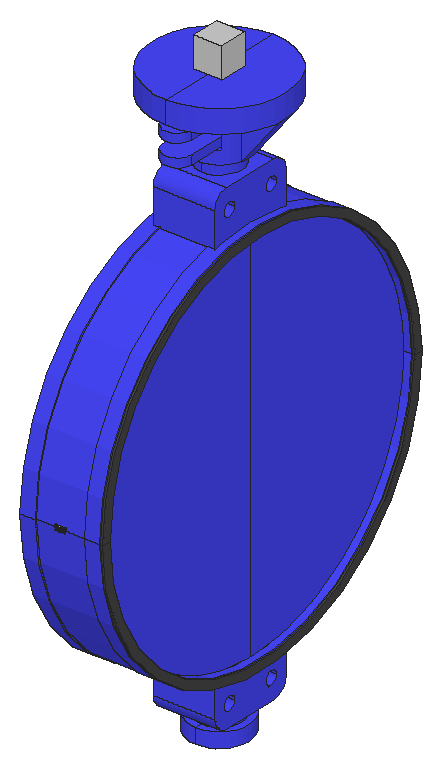
Revit family "926-12-002-DN50-1000", category Pipe Accessories, Revit 2022
Family settings
  Round Connector Dimension = Use Diameter
  Part Type = Valve - Breaks Into
  Work Plane-Based = No
  Always vertical = Yes
  Cut with Voids When Loaded = No
  Shared = No
Parameters (values of type "DN1000_PN25")
  total_FL_legth = A - L  # 208.5 mm
  rib_Loctn = Body_rib_L * 0.4  # 46 mm
  logo = Bore_R + Body_T + 2 mm  # 522 mm
  bottom_Shaft_T = Body_rib_W * 0.7  # 38.5 mm
  bottom_Shaft_R = Body_rib_L * 0.68  # 78.2 mm
  Wedge = A / 1.3  # 166.154 mm
  URL_product_pages = "https://www.avkvalves.com/P.aspx?no=92605012030160100000"
  Top_Rib = D / 2  # 37.5 mm
  Top_Flange_R = size_lookup(Search_table, "Top_Flange_R", 0 mm, DN)  # 175 mm
  Top _Flange_dim2 = size_lookup(Search_table, "Top _Flange_dim2", 0 mm, DN)  # 66 mm
  Top _Flange_dim1 = Body_shaft_R3 * 0.68  # 50.83 mm
  Slot_dim1 = size_lookup(Search_table, "Slot_dim1", 0 mm, DN)  # 15 mm
  Slot_T = size_lookup(Search_table, "Slot_T", 0 mm, DN)  # 22 mm
  Search_table = "926-12-002-DN50-1000"
  Seal_R = (FL_R - Bore_R) / 2  # 11 mm
  Rib_T = (FL_T - Raised_dis) / 1.5  # 23.333 mm
  Rib_R = D / 2  # 37.5 mm
  Raised_dis = size_lookup(Search_table, "Raised_dis", 0 mm, DN)  # 5 mm
  Raised_R = size_lookup(Search_table, "Raised_R", 0 mm, DN)  # 556 mm
  PCD = size_lookup(Search_table, "PCD", 0 mm, DN)  # 1160 mm
  L = Raised_dis * 1.5  # 7.5 mm
  Hole_R = size_lookup(Search_table, "Hole_R", 0 mm, DN)  # 18.5 mm
  FL_T = size_lookup(Search_table, "FL_T", 0 mm, DN)  # 40 mm
  FL_R = size_lookup(Search_table, "FL_R", 0 mm, DN)  # 522 mm
  E = size_lookup(Search_table, "E", 0 mm, DN)  # 80 mm
  Description_ = "AVK DBL. ECC. BUTTERFLY VALVE, WAFER, API609B, PN25"
  Default Elevation = 0 mm
  DN700_PN25 = "926-700-12-030060100000"
  DN600_PN25 = "926-600-12-030080100000"
  DN500_PN25 = "926-500-12-030080100000"
  DN450_PN25 = "926-450-12-030080100000"
  DN400_PN25 = "926-400-12-030080100000"
  DN350_PN25 = "926-350-12-030080100000"
  DN300_PN25 = "926-300-12-030080100000"
  DN250_PN25 = "926-250-12-030080100000"
  DN200_PN25 = "926-200-12-030080100000"
  DN150_PN25 = "926-150-12-030080100000"
  DN100_PN25 = "926-100-12-030160100000"
  DN1000_PN25 = "926-A10-12-030060100000"
  DN080_PN25 = "926-080-12-030160100000"
  DN050_PN25 = "926-050-12-030160100000"
  DN = 1000 mm
  D = size_lookup(Search_table, "D", 0 mm, DN)  # 75 mm
  C = size_lookup(Search_table, "C", 0 mm, DN)  # 856 mm
  Bore_R = size_lookup(Search_table, "Bore_R", 0 mm, DN)  # 500 mm
  Body_shaft_R3_T = size_lookup(Search_table, "Body_shaft_R3_T", 0 mm, DN)  # 33 mm
  Body_shaft_R3 = Body_shaft_R2 * 1.3  # 74.75 mm
  Body_shaft_R2_T = D * 0.8  # 60 mm
  Body_shaft_R2 = Body_rib_L * 0.5  # 57.5 mm
  Body_shaft_R1 = (total_FL_legth - FL_T) / 2  # 84.25 mm
  Body_rib_W = size_lookup(Search_table, "Body_rib_W", 0 mm, DN)  # 55 mm
  Body_rib_L = size_lookup(Search_table, "Body_rib_L", 0 mm, DN)  # 115 mm
  Body_end_shaft_R = (total_FL_legth - 2 * Raised_dis) / 2  # 99.25 mm
  Body_T = size_lookup(Search_table, "Body_T", 0 mm, DN)  # 20 mm
  B = size_lookup(Search_table, "B", 0 mm, DN)  # 700 mm
  A = size_lookup(Search_table, "A", 0 mm, DN)  # 216 mm
Types (15, lengths in mm): name | total_FL_legth | rib_Loctn | logo | bottom_Shaft_T | bottom_Shaft_R | Wedge | URL_product_pages | Top_Rib | Top_Flange_R | Top _Flange_dim2 | Top _Flange_dim1 | Slot_dim1 | Slot_T | Seal_R | Rib_T | Rib_R | Raised_dis | Raised_R | PCD | L | Hole_R | FL_T | FL_R | E | Description_ | DN700_PN25 | DN600_PN25 | DN500_PN25 | DN450_PN25 | DN400_PN25 | DN350_PN25 | DN300_PN25 | DN250_PN25 | DN200_PN25 | DN150_PN25 | DN100_PN25 | DN1000_PN25 | DN080_PN25 | DN050_PN25 | DN | D | C | Bore_R | Body_shaft_R3_T | Body_shaft_R3 | Body_shaft_R2_T | Body_shaft_R2 | Body_shaft_R1 | Body_rib_W | Body_rib_L | Body_end_shaft_R | Body_T | B | A
  (no name) | 208.5 | 46 | 522 | 38.5 | 78.2 | 166.154 | "https://www.avkvalves.com/P.aspx?no=92605012030160100000" | 37.5 | 175 | 66 | 50.83 | 15 | 22 | 11 | 23.333 | 37.5 | 5 | 556 | 1160 | 7.5 | 18.5 | 40 | 522 | 80 | "AVK DBL. ECC. BUTTERFLY VALVE, WAFER, API609B, PN25" | "926-700-12-030060100000" | "926-600-12-030080100000" | "926-500-12-030080100000" | "926-450-12-030080100000" | "926-400-12-030080100000" | "926-350-12-030080100000" | "926-300-12-030080100000" | "926-250-12-030080100000" | "926-200-12-030080100000" | "926-150-12-030080100000" | "926-100-12-030160100000" | "926-A10-12-030060100000" | "926-080-12-030160100000" | "926-050-12-030160100000" | 1000 | 75 | 856 | 500 | 33 | 74.75 | 60 | 57.5 | 84.25 | 55 | 115 | 99.25 | 20 | 700 | 216
  DN1000_PN25 | 208.5 | 46 | 522 | 38.5 | 78.2 | 166.154 | "https://www.avkvalves.com/P.aspx?no=92605012030160100000" | 37.5 | 175 | 66 | 50.83 | 15 | 22 | 11 | 23.333 | 37.5 | 5 | 556 | 1160 | 7.5 | 18.5 | 40 | 522 | 80 | "AVK DBL. ECC. BUTTERFLY VALVE, WAFER, API609B, PN25" | "926-700-12-030060100000" | "926-600-12-030080100000" | "926-500-12-030080100000" | "926-450-12-030080100000" | "926-400-12-030080100000" | "926-350-12-030080100000" | "926-300-12-030080100000" | "926-250-12-030080100000" | "926-200-12-030080100000" | "926-150-12-030080100000" | "926-100-12-030160100000" | "926-A10-12-030060100000" | "926-080-12-030160100000" | "926-050-12-030160100000" | 1000 | 75 | 856 | 500 | 33 | 74.75 | 60 | 57.5 | 84.25 | 55 | 115 | 99.25 | 20 | 700 | 216
  DN050_PN25 | 40 | 6 | 35 | 5.6 | 10.2 | 33.077 | "https://www.avkvalves.com/P.aspx?no=92605012020140100000" | 4.5 | 45 | 8 | 6.63 | 4 | 6 | 10 | 4 | 4.5 | 2 | 49.5 | 120 | 3 | 4 | 8 | 45 | 18 | "AVK DBL. ECC. BUTTERFLY VALVE, WAFER, API609B, PN10/16" | "926-700-12-020040100000" | "926-600-12-020040100000" | "926-500-12-010040100000" | "926-450-12-010040100000" | "926-400-12-010040100000" | "926-350-12-010040100000" | "926-300-12-010040100000" | "926-250-12-010040100000" | "926-200-12-010040100000" | "926-150-12-020040100000" | "926-100-12-020140100000" | "926-A10-12-020140100000" | "926-A10-12-020140100000" | "926-050-12-020140100000" | 50 | 9 | 110 | 25 | 4 | 9.75 | 7.2 | 7.5 | 16 | 8 | 15 | 18 | 8 | 80 | 43
  DN080_PN25 | 43 | 8 | 50 | 8.4 | 13.6 | 35.385 | "https://www.avkvalves.com/P.aspx?no=92605012020140100000" | 4.5 | 45 | 20 | 8.84 | 15 | 11 | 16 | 4 | 4.5 | 2 | 66 | 160 | 3 | 5 | 8 | 72 | 18 | "AVK DBL. ECC. BUTTERFLY VALVE, WAFER, API609B, PN10/16" | "926-700-12-020040100000" | "926-600-12-020040100000" | "926-500-12-010040100000" | "926-450-12-010040100000" | "926-400-12-010040100000" | "926-350-12-010040100000" | "926-300-12-010040100000" | "926-250-12-010040100000" | "926-200-12-010040100000" | "926-150-12-020040100000" | "926-100-12-020140100000" | "926-A10-12-020140100000" | "926-A10-12-020140100000" | "926-050-12-020140100000" | 80 | 9 | 185 | 40 | 4 | 13 | 7.2 | 10 | 17.5 | 12 | 20 | 19.5 | 8 | 110 | 46
  DN100_PN25 | 49 | 10 | 62 | 10.5 | 17 | 40 | "https://www.avkvalves.com/P.aspx?no=92605012020140100000" | 5.5 | 45 | 20 | 11.05 | 15 | 11 | 15.5 | 4 | 5.5 | 2 | 78 | 180 | 3 | 6 | 8 | 81 | 20 | "AVK DBL. ECC. BUTTERFLY VALVE, WAFER, API609B, PN10/16" | "926-700-12-020040100000" | "926-600-12-020040100000" | "926-500-12-010040100000" | "926-450-12-010040100000" | "926-400-12-010040100000" | "926-350-12-010040100000" | "926-300-12-010040100000" | "926-250-12-010040100000" | "926-200-12-010040100000" | "926-150-12-020040100000" | "926-100-12-020140100000" | "926-A10-12-020140100000" | "926-A10-12-020140100000" | "926-050-12-020140100000" | 100 | 11 | 202 | 50 | 5 | 16.25 | 8.8 | 12.5 | 20.5 | 15 | 25 | 22.5 | 10 | 130 | 52
  DN150_PN25 | 53 | 12.8 | 89 | 14 | 21.76 | 43.077 | "https://www.avkvalves.com/P.aspx?no=92605012020140100000" | 8.5 | 62.5 | 25 | 14.144 | 18 | 19 | 16.5 | 5.333 | 8.5 | 2 | 105.5 | 240 | 3 | 8 | 10 | 108 | 27 | "AVK DBL. ECC. BUTTERFLY VALVE, WAFER, API609B, PN10/16" | "926-700-12-020040100000" | "926-600-12-020040100000" | "926-500-12-010040100000" | "926-450-12-010040100000" | "926-400-12-010040100000" | "926-350-12-010040100000" | "926-300-12-010040100000" | "926-250-12-010040100000" | "926-200-12-010040100000" | "926-150-12-020040100000" | "926-100-12-020140100000" | "926-A10-12-020140100000" | "926-A10-12-020140100000" | "926-050-12-020140100000" | 150 | 17 | 280 | 75 | 7 | 20.8 | 13.6 | 16 | 21.5 | 20 | 32 | 24.5 | 12 | 170 | 56
  DN200_PN25 | 55.5 | 20.8 | 114 | 15.4 | 35.36 | 46.154 | "https://www.avkvalves.com/P.aspx?no=92605012020140100000" | 11 | 62.5 | 20 | 22.984 | 21 | 15 | 16.375 | 11.333 | 11 | 3 | 133 | 295 | 4.5 | 11.5 | 20 | 132.75 | 30 | "AVK DBL. ECC. BUTTERFLY VALVE, WAFER, API609B, PN10/16" | "926-700-12-020040100000" | "926-600-12-020040100000" | "926-500-12-010040100000" | "926-450-12-010040100000" | "926-400-12-010040100000" | "926-350-12-010040100000" | "926-300-12-010040100000" | "926-250-12-010040100000" | "926-200-12-010040100000" | "926-150-12-020040100000" | "926-100-12-020140100000" | "926-A10-12-020140100000" | "926-A10-12-020140100000" | "926-050-12-020140100000" | 200 | 22 | 320 | 100 | 10 | 33.8 | 17.6 | 26 | 17.75 | 22 | 52 | 24.75 | 12 | 200 | 60
  DN250_PN25 | 63.5 | 22.4 | 141 | 16.8 | 38.08 | 52.308 | "https://www.avkvalves.com/P.aspx?no=92605012020140100000" | 13.5 | 75 | 24 | 24.752 | 6 | 20 | 16.25 | 12.667 | 13.5 | 3 | 159.5 | 350 | 4.5 | 11.5 | 22 | 157.5 | 36 | "AVK DBL. ECC. BUTTERFLY VALVE, WAFER, API609B, PN10/16" | "926-700-12-020040100000" | "926-600-12-020040100000" | "926-500-12-010040100000" | "926-450-12-010040100000" | "926-400-12-010040100000" | "926-350-12-010040100000" | "926-300-12-010040100000" | "926-250-12-010040100000" | "926-200-12-010040100000" | "926-150-12-020040100000" | "926-100-12-020140100000" | "926-A10-12-020140100000" | "926-A10-12-020140100000" | "926-050-12-020140100000" | 250 | 27 | 340 | 125 | 12 | 36.4 | 21.6 | 28 | 20.75 | 24 | 56 | 28.75 | 14 | 222 | 68
  DN300_PN25 | 72 | 24 | 166 | 21 | 40.8 | 60 | "https://www.avkvalves.com/P.aspx?no=92605012020140100000" | 13.5 | 75 | 24 | 26.52 | 6 | 20 | 15 | 13.667 | 13.5 | 4 | 185 | 400 | 6 | 11.5 | 24.5 | 180 | 41 | "AVK DBL. ECC. BUTTERFLY VALVE, WAFER, API609B, PN10/16" | "926-700-12-020040100000" | "926-600-12-020040100000" | "926-500-12-010040100000" | "926-450-12-010040100000" | "926-400-12-010040100000" | "926-350-12-010040100000" | "926-300-12-010040100000" | "926-250-12-010040100000" | "926-200-12-010040100000" | "926-150-12-020040100000" | "926-100-12-020140100000" | "926-A10-12-020140100000" | "926-A10-12-020140100000" | "926-050-12-020140100000" | 300 | 27 | 390 | 150 | 12 | 39 | 21.6 | 30 | 23.75 | 30 | 60 | 32 | 14 | 260 | 78
  DN350_PN25 | 72 | 26.8 | 191 | 21.7 | 45.56 | 60 | "https://www.avkvalves.com/P.aspx?no=92605012020140100000" | 18 | 75 | 32 | 29.614 | 7 | 22 | 16 | 13.667 | 18 | 4 | 214.5 | 460 | 6 | 11.5 | 24.5 | 207 | 41 | "AVK DBL. ECC. BUTTERFLY VALVE, WAFER, API609B, PN10/16" | "926-700-12-020040100000" | "926-600-12-020040100000" | "926-500-12-010040100000" | "926-450-12-010040100000" | "926-400-12-010040100000" | "926-350-12-010040100000" | "926-300-12-010040100000" | "926-250-12-010040100000" | "926-200-12-010040100000" | "926-150-12-020040100000" | "926-100-12-020140100000" | "926-A10-12-020140100000" | "926-A10-12-020140100000" | "926-050-12-020140100000" | 350 | 36 | 420 | 175 | 16 | 43.55 | 28.8 | 33.5 | 23.75 | 31 | 67 | 32 | 14 | 290 | 78
  DN400_PN25 | 96 | 28 | 217 | 29.4 | 47.6 | 78.462 | "https://www.avkvalves.com/P.aspx?no=92605012020140100000" | 18 | 87.5 | 32 | 30.94 | 7 | 22 | 15.875 | 13.667 | 18 | 4 | 240 | 515 | 6 | 14 | 24.5 | 231.75 | 41 | "AVK DBL. ECC. BUTTERFLY VALVE, WAFER, API609B, PN10/16" | "926-700-12-020040100000" | "926-600-12-020040100000" | "926-500-12-010040100000" | "926-450-12-010040100000" | "926-400-12-010040100000" | "926-350-12-010040100000" | "926-300-12-010040100000" | "926-250-12-010040100000" | "926-200-12-010040100000" | "926-150-12-020040100000" | "926-100-12-020140100000" | "926-A10-12-020140100000" | "926-A10-12-020140100000" | "926-050-12-020140100000" | 400 | 36 | 451 | 200 | 16 | 45.5 | 28.8 | 35 | 35.75 | 42 | 70 | 44 | 15 | 350 | 102
  DN450_PN25 | 108 | 31.2 | 243 | 28.7 | 53.04 | 87.692 | "https://www.avkvalves.com/P.aspx?no=92605012020140100000" | 18 | 105 | 32 | 34.476 | 7 | 22 | 14.625 | 14.333 | 18 | 4 | 265 | 565 | 6 | 14 | 25.5 | 254.25 | 38 | "AVK DBL. ECC. BUTTERFLY VALVE, WAFER, API609B, PN10/16" | "926-700-12-020040100000" | "926-600-12-020040100000" | "926-500-12-010040100000" | "926-450-12-010040100000" | "926-400-12-010040100000" | "926-350-12-010040100000" | "926-300-12-010040100000" | "926-250-12-010040100000" | "926-200-12-010040100000" | "926-150-12-020040100000" | "926-100-12-020140100000" | "926-A10-12-020140100000" | "926-A10-12-020140100000" | "926-050-12-020140100000" | 450 | 36 | 492 | 225 | 16 | 50.7 | 28.8 | 39 | 41.25 | 41 | 78 | 50 | 16 | 360 | 114
  DN500_PN25 | 121 | 34.8 | 267 | 26.6 | 59.16 | 97.692 | "https://www.avkvalves.com/P.aspx?no=92605012020140100000" | 23 | 105 | 40 | 38.454 | 9 | 22 | 14.5 | 15 | 23 | 4 | 291 | 620 | 6 | 14 | 26.5 | 279 | 65 | "AVK DBL. ECC. BUTTERFLY VALVE, WAFER, API609B, PN10/16" | "926-700-12-020040100000" | "926-600-12-020040100000" | "926-500-12-010040100000" | "926-450-12-010040100000" | "926-400-12-010040100000" | "926-350-12-010040100000" | "926-300-12-010040100000" | "926-250-12-010040100000" | "926-200-12-010040100000" | "926-150-12-020040100000" | "926-100-12-020140100000" | "926-A10-12-020140100000" | "926-A10-12-020140100000" | "926-050-12-020140100000" | 500 | 46 | 511 | 250 | 20 | 56.55 | 36.8 | 43.5 | 47.25 | 38 | 87 | 56.5 | 15 | 380 | 127
  DN600_PN25 | 146.5 | 38.8 | 319 | 31.5 | 65.96 | 118.462 | "https://www.avkvalves.com/P.aspx?no=92605012020140100000" | 27.5 | 150 | 48 | 42.874 | 11 | 15 | 13.125 | 16.667 | 27.5 | 5 | 341 | 725 | 7.5 | 15.5 | 30 | 326.25 | 70 | "AVK DBL. ECC. BUTTERFLY VALVE, WAFER, API609B, PN10/16" | "926-700-12-020040100000" | "926-600-12-020040100000" | "926-500-12-010040100000" | "926-450-12-010040100000" | "926-400-12-010040100000" | "926-350-12-010040100000" | "926-300-12-010040100000" | "926-250-12-010040100000" | "926-200-12-010040100000" | "926-150-12-020040100000" | "926-100-12-020140100000" | "926-A10-12-020140100000" | "926-A10-12-020140100000" | "926-050-12-020140100000" | 600 | 55 | 561 | 300 | 24 | 63.05 | 44 | 48.5 | 58.25 | 45 | 97 | 68.25 | 17 | 450 | 154
  DN700_PN25 | 157.5 | 42 | 370 | 28 | 71.4 | 126.923 | "https://www.avkvalves.com/P.aspx?no=92605012030160100000" | 40 | 150 | 58 | 46.41 | 16 | 15 | 14 | 18.333 | 40 | 5 | 397 | 840 | 7.5 | 15.5 | 32.5 | 378 | 110 | "AVK DBL. ECC. BUTTERFLY VALVE, WAFER, API609B, PN25" | "926-700-12-030060100000" | "926-600-12-030080100000" | "926-500-12-030080100000" | "926-450-12-030080100000" | "926-400-12-030080100000" | "926-350-12-030080100000" | "926-300-12-030080100000" | "926-250-12-030080100000" | "926-200-12-030080100000" | "926-150-12-030080100000" | "926-100-12-030160100000" | "926-A10-12-030160100000" | "926-A10-12-030160100000" | "926-050-12-030160100000" | 700 | 80 | 655 | 350 | 30 | 68.25 | 64 | 52.5 | 62.5 | 40 | 105 | 73.75 | 18 | 500 | 165
Reference planes
  plane 1 "Center (Front/Back)": y = 0
  plane 2: z = 0
  plane 3 "Center (Left/Right)": x = 0
  plane 4: z = -580
  plane 5: z = 580
  plane 6: x = -104.25
  plane 7: x = 104.25
  plane 8: y = 580
  plane 9: y = -580
  plane 10: x = -104.25
  plane 11: x = 104.25
  plane 12: x = -80.917
  plane 13: x = 80.917
  plane 14: z = -700
  plane 15: y = 115
  plane 16: y = -115
  plane 17: z = -635
  plane 18: z = 635
  plane 19: z = 635
  plane 20: z = 856
  plane 21: y = 23
  plane 22: y = -23
  plane 23: z = 856
  plane 24: z = 936
  plane 25: y = 37.5
  plane 26: y = -37.5
  plane 27: x = -37.5
  plane 28: x = 37.5
  plane 29: z = 796
  plane 30: z = 635
  plane 31: x = -18.75
  plane 32: x = 18.75
  plane 33: z = 500
  plane 34: z = -500
  plane 35: z = 701
  plane 36: z = 635
  plane 37: z = 500
  plane 38: z = 522
  plane 39: z = 796
  plane 40: z = 679
  plane 41: z = 781
  plane 42: z = 759
  plane 43: y = 522
  plane 44: y = 522
  plane 45: y = -522
  plane 46: y = 18.75
  plane 47: y = -18.75
  plane 48: x = -37.5
  plane 49: x = 37.5
  plane 50: x = -108
  plane 51: x = 108
Forms (mm)
  Revolve 1, solid, material "Default"
    sketch origin (0, 0, 0) x (1, 0, 0) y (0, 1, 0)
      loop
        line (-104.25, 500) -> (104.25, 500) -> (104.25, 522) -> (64.25, 522) -> (64.25, 520) -> (-64.25, 520) -> (-64.25, 522) -> (-104.25, 522) -> (-104.25, 500)
      axis (-104.25, 0) -> (104.25, 0)
    angle from 0 to 360
  Revolve 2, solid, material "Default Roof"
    sketch origin (0, 0, 0) x (1, 0, 0) y (0, 1, 0)
      loop
        line (104.25, 522) -> (104.25, 500) -> (111.75, 500) -> (111.75, 522) -> (104.25, 522)
      axis (111.75, 0) -> (104.25, 0)
    angle from 0 to 360
  Extrusion 3, solid, material "Default"
    sketch origin (0, 0, 0) x (0, 1, 0) y (0, 0, 1)
      loop
        line (77.5, 635) -> (-77.5, 635)
        arc (-77.5, 635) -> (-104.017, 624.017) -> (-115, 597.5) r 37.5
        line (-115, 597.5) -> (-115, -597.5)
        arc (-115, -597.5) -> (-104.017, -624.017) -> (-77.5, -635) r 37.5
        line (-77.5, -635) -> (77.5, -635)
        arc (77.5, -635) -> (104.017, -624.017) -> (115, -597.5) r 37.5
        line (115, -597.5) -> (115, 597.5)
        arc (115, 597.5) -> (104.017, 624.017) -> (77.5, 635) r 37.5
    from -80.917 to 80.917
  Revolve 4, solid, material "Default"
    sketch origin (0, 0, 0) x (0, 1, 0) y (0, 0, 1)
      loop
        line (0, -700) -> (0, -635) -> (-57.5, -635) -> (-57.5, -661.5) -> (-78.2, -661.5) -> (-78.2, -700) -> (0, -700)
      axis (0, -635) -> (0, -700)
    angle from 0 to 360
  Extrusion 5, void
    sketch origin (0, 2.804, 16.825) x (0, -1, 0) y (0, 0, 1)
      loop
        circle (-66.196, -596.825) r 18.5
      loop
        circle (71.804, -596.825) r 18.5
      loop
        circle (-66.196, 563.175) r 18.5
      loop
        circle (71.804, 563.175) r 18.5
    from -104.25 to 424.302
  Revolve 6, solid, material "Default"
    sketch origin (0, 0, 0) x (0, 1, 0) y (0, 0, 1)
      loop
        line (0, 635) -> (0, 856) -> (-175, 856) -> (-175, 796) -> (-57.5, 796) -> (-57.5, 635) -> (0, 635)
      axis (0, 856) -> (0, 635)
    angle from 0 to 360
  Extrusion 7, solid, material "Laminate, White"
    sketch origin (0, 0, 0) x (0, 1, 0) y (0, 0, 1)
      loop
        line (37.5, 936) -> (-37.5, 936) -> (-37.5, 856) -> (37.5, 856) -> (37.5, 936)
    from -37.5 to 37.5
  Revolve 8, solid, material "Default"
    sketch origin (0, 0, 0) x (0, 1, 0) y (0, 0, 1)
      loop
        line (-74.75, 796) -> (-74.75, 668) -> (0, 668) -> (0, 796) -> (-74.75, 796)
      axis (0, 796) -> (0, 668)
    angle from 0 to 360
  Revolve 9, solid, material "Default"
    sketch origin (0, 0, 0) x (0, 1, 0) y (0, 0, 1)
      loop
        line (0, 796) -> (-57.5, 796) -> (-57.5, 701) -> (0, 701) -> (0, 796)
      axis (0, 701) -> (0, 796)
    angle from 0 to 360
  Revolve 10, void
    sketch origin (0, 0, 0) x (1, 0, 0) y (0, 1, 0)
      loop
        line (-108, 500) -> (-108, 0) -> (108, 0) -> (108, 500) -> (-108, 500)
      axis (108, 0) -> (-108, 0)
    angle from 0 to 360
  Revolve 11, solid, material "Default"
    sketch origin (0, 0, 0) x (1, 0, 0) y (0, 0, 1)
      loop
        line (83.077, 500) -> (-83.077, 500) -> (-83.077, 0) -> (83.077, 0) -> (83.077, 500)
      axis (83.077, 0) -> (-83.077, 0)
    angle from 0 to 360
  Extrusion 12, solid, material "Default"
    sketch origin (0, 0, 0) x (1, 0, 0) y (0, 0, 1)
      loop
        line (-175, 796) -> (-74.75, 668) -> (74.75, 668) -> (175, 796) -> (-175, 796)
    from -18.75 to 18.75
  Extrusion 13, void
    sketch origin (0, 0, 0) x (-1, 0, 0) y (0, 0, 1)
      loop
        line (-50.83, 796) -> (-50.83, 701) -> (50.83, 701) -> (50.83, 796) -> (-50.83, 796)
    from -580 to 522
  Extrusion 14, solid, material "Default"
    sketch origin (0, 56.62, 701) x (0, 1, 0) y (-1, 0, 0)
      loop
        arc (-194.12, 37.5) -> (-231.62, 0) -> (-194.12, -37.5) r 37.5
        line (-194.12, -37.5) -> (80.88, -37.5)
        arc (80.88, -37.5) -> (118.38, 0) -> (80.88, 37.5) r 37.5
        line (80.88, 37.5) -> (-194.12, 37.5)
    from 0 to 22
  Extrusion 15, solid, material "Default"
    sketch origin (0, 119.879, 796) x (0, 1, 0) y (-1, 0, 0)
      loop
        arc (17.621, -37.5) -> (55.121, 0) -> (17.621, 37.5) r 37.5
        line (17.621, 37.5) -> (-257.379, 37.5)
        arc (-257.379, 37.5) -> (-294.879, 0) -> (-257.379, -37.5) r 37.5
        line (-257.379, -37.5) -> (17.621, -37.5)
    from -15 to -37
Cuts and joins
  Extrusion 5, Revolve 10 cuts Extrusion 3
  Revolve 10 cuts Revolve 1
  Revolve 10 cuts Revolve 2
  Extrusion 13 cuts Revolve 6
  Extrusion 13 cuts Revolve 8
  Extrusion 13 cuts Revolve 9
  Extrusion 13 cuts Extrusion 12
Dimensions and locks
  equal spacing: plane 5, level, plane 4
  "PCD": plane 5 to plane 4
  equal spacing: Revolve 1 sketch curve, plane 3 "Center (Left/Right)", Revolve 1 sketch curve  (x2)
  "Bore_R": plane 1 "Center (Front/Back)" to Revolve 1 sketch curve
  "FL_R": plane 1 "Center (Front/Back)" to Revolve 1 sketch curve
  "total_FL_legth": Revolve 1 sketch curve to Revolve 1 sketch curve
  "FL_T": Revolve 1 sketch curve to Revolve 1 sketch curve
  "Body_T": Revolve 1 sketch curve to Revolve 1 sketch curve
  equal spacing: plane 6, plane 3 "Center (Left/Right)", plane 7
  "total_FL_legth": plane 6 to plane 7
  "L": plane 7 to Revolve 2 sketch curve
  equal spacing: plane 8, plane 1 "Center (Front/Back)", plane 9
  "PCD": plane 8 to plane 9
  equal spacing: Extrusion 3 sketch curve, plane 1 "Center (Front/Back)", Extrusion 3 sketch curve
  "Body_rib_L": plane 1 "Center (Front/Back)" to Extrusion 3 sketch curve
  "Body_rib_W": plane 4 to Extrusion 3 sketch curve
  "Body_rib_W": Extrusion 3 sketch curve to plane 5
  equal spacing: Extrusion 3, plane 3 "Center (Left/Right)", Extrusion 3
  equal spacing: plane 11, plane 3 "Center (Left/Right)", plane 10
  "total_FL_legth": plane 11 to plane 10
  equal spacing: plane 12, plane 3 "Center (Left/Right)", plane 13
  "Rib_T": plane 12 to plane 10
  "B": level to plane 14
  "bottom_Shaft_R": plane 1 "Center (Front/Back)" to Revolve 4 sketch curve
  equal spacing: plane 15, plane 1 "Center (Front/Back)", plane 16
  "Body_rib_L": plane 15 to plane 1 "Center (Front/Back)"
  "Body_rib_W": plane 4 to plane 17
  "Body_rib_W": Extrusion 5 sketch curve to plane 17  (x2)
  "rib_Loctn": plane 15 to Extrusion 5 sketch curve  (x2)
  "rib_Loctn": Extrusion 5 sketch curve to plane 16  (x2)
  "Body_rib_W": plane 18 to plane 5
  "Body_rib_W": plane 18 to Extrusion 5 sketch curve  (x2)
  "Body_rib_W": plane 19 to plane 5
  "Body_shaft_R2": plane 1 "Center (Front/Back)" to Revolve 6 sketch curve
  "C": plane 20 to level
  "Top_Flange_R": plane 1 "Center (Front/Back)" to Revolve 6 sketch curve
  "Body_shaft_R2_T": plane 20 to Revolve 6 sketch curve
  "C": plane 23 to plane 2
  "E": plane 24 to plane 23
  equal spacing: plane 25, plane 1 "Center (Front/Back)", plane 26
  "D": plane 25 to plane 26
  equal spacing: plane 28, plane 3 "Center (Left/Right)", plane 27
  "D": plane 28 to plane 27
  "Body_shaft_R2_T": plane 23 to plane 29
  "Body_rib_W": plane 30 to plane 5
  "Body_shaft_R3": plane 1 "Center (Front/Back)" to Revolve 8 sketch curve
  "Body_shaft_R3_T": Revolve 8 sketch curve to plane 30
  equal spacing: plane 32, plane 3 "Center (Left/Right)", plane 31
  "Top_Rib": plane 32 to plane 31
  equal spacing: plane 33, level, plane 34
  "Bore_R": plane 33 to level
  "Bore_R": plane 37 to level
  "FL_R": plane 38 to level
  "Body_rib_W": plane 36 to plane 5
  "Top _Flange_dim2": plane 35 to plane 36
  "Body_shaft_R2_T": plane 23 to plane 39
  "Slot_T": plane 35 to plane 40
  "Slot_dim1": plane 39 to plane 41
  "Slot_T": plane 41 to plane 42
  "Body_shaft_R2": plane 1 "Center (Front/Back)" to Revolve 9 sketch curve
  "Body_rib_W": plane 4 to Revolve 4 sketch curve
  "bottom_Shaft_T": Revolve 4 sketch curve to plane 14
  "Body_shaft_R2": plane 1 "Center (Front/Back)" to Revolve 4 sketch curve
  equal spacing: Revolve 10 sketch curve, plane 3 "Center (Left/Right)", Revolve 10 sketch curve
  "A": Revolve 10 sketch curve to Revolve 10 sketch curve
  "Bore_R": plane 1 "Center (Front/Back)" to Revolve 10 sketch curve
  equal spacing: Revolve 11 sketch curve, plane 3 "Center (Left/Right)", Revolve 11 sketch curve
  "Wedge": Revolve 11 sketch curve to Revolve 11 sketch curve
  "Bore_R": level to Revolve 11 sketch curve
  "FL_R": plane 43 to plane 1 "Center (Front/Back)"
  "FL_R": plane 44 to plane 1 "Center (Front/Back)"
  "Bore_R": plane 1 "Center (Front/Back)" to Revolve 2 sketch curve
  "logo": plane 1 "Center (Front/Back)" to plane 45
  equal spacing: Extrusion 12 sketch curve, plane 3 "Center (Left/Right)", Extrusion 12 sketch curve  (x2)
  "Body_shaft_R2_T": plane 23 to Extrusion 12 sketch curve
  "Top_Flange_R": Extrusion 12 sketch curve to plane 3 "Center (Left/Right)"
  "Body_shaft_R3": Extrusion 12 sketch curve to plane 3 "Center (Left/Right)"
  "Body_shaft_R3_T": Extrusion 12 sketch curve to plane 36
  equal spacing: plane 46, plane 1 "Center (Front/Back)", plane 47
  "Top_Rib": plane 46 to plane 47
  equal spacing: Extrusion 13 sketch curve, plane 3 "Center (Left/Right)", Extrusion 13 sketch curve
  "Top _Flange_dim1": plane 3 "Center (Left/Right)" to Extrusion 13 sketch curve
  "Top _Flange_dim2": plane 36 to Extrusion 13 sketch curve
  Extrusion 13 to plane 5 = 216 mm
  equal spacing: Extrusion 14 sketch curve, plane 3 "Center (Left/Right)", Extrusion 14 sketch curve
  equal spacing: plane 48, plane 3 "Center (Left/Right)", plane 49
  "D": plane 48 to plane 49
  equal spacing: Extrusion 14 sketch curve, plane 1 "Center (Front/Back)", Extrusion 14 sketch curve
  "Top_Flange_R": Extrusion 14 sketch curve to plane 1 "Center (Front/Back)"
  "Slot_T": Extrusion 14 to plane 35
  nested 1 to level = 6.199 mm
  equal spacing: plane 51, plane 3 "Center (Left/Right)", plane 50
  "A": plane 51 to plane 50
  plane 24 to plane 23 = 80 mm
  plane 23 to level = 856 mm
  "Rib_R": radius of Extrusion 3 sketch curve  (x4)
  "Hole_R": radius of Extrusion 5 sketch curve  (x4)
  aligned and locked: level to plane 2
  aligned and locked: plane 1 "Center (Front/Back)" to Revolve 1 sketch curve
  aligned and locked: Revolve 1 sketch curve to Revolve 1 sketch curve
  aligned and locked: plane 7 to Revolve 2 sketch curve
  aligned and locked: Revolve 2 sketch curve to plane 1 "Center (Front/Back)"
  aligned and locked: Extrusion 3 to plane 12
  aligned and locked: plane 1 "Center (Front/Back)" to Revolve 4 sketch curve  (x2)
  aligned and locked: plane 14 to Revolve 4 sketch curve
  aligned and locked: Extrusion 5 to Revolve 1
  aligned and locked: plane 1 "Center (Front/Back)" to Revolve 6 sketch curve  (x2)
  aligned and locked: plane 19 to Revolve 6 sketch curve
  aligned and locked: plane 23 to Extrusion 7 sketch curve
  aligned and locked: Extrusion 7 sketch curve to plane 24
  aligned and locked: plane 25 to Extrusion 7 sketch curve
  aligned and locked: Extrusion 7 sketch curve to plane 26
  aligned and locked: Extrusion 7 to plane 27
  aligned and locked: plane 28 to Extrusion 7
  aligned and locked: plane 29 to Revolve 8 sketch curve
  aligned and locked: plane 1 "Center (Front/Back)" to Revolve 8 sketch curve
  aligned and locked: plane 1 "Center (Front/Back)" to Revolve 9 sketch curve
  aligned and locked: plane 35 to Revolve 9 sketch curve
  aligned and locked: Revolve 9 sketch curve to plane 39
  aligned and locked: Revolve 9 sketch curve to plane 1 "Center (Front/Back)"
  aligned and locked: Revolve 10 sketch curve to plane 1 "Center (Front/Back)"  (x2)
  aligned and locked: level to Revolve 11 sketch curve
  aligned and locked: Revolve 11 sketch curve to plane 2
  aligned and locked: plane 43 to Revolve 2 sketch curve
  aligned and locked: Extrusion 12 to plane 46
  aligned and locked: Extrusion 12 to plane 47
  aligned and locked: Extrusion 13 sketch curve to plane 39
  aligned and locked: plane 44 to Extrusion 13
  aligned and locked: Extrusion 13 to plane 9
  aligned and locked: Extrusion 14 to plane 35
  aligned and locked: Extrusion 15 sketch curve to Extrusion 14  (x2)
  aligned and locked: Extrusion 15 to plane 42
  aligned and locked: plane 41 to Extrusion 15
  aligned and locked: plane 3 "Center (Left/Right)" to nested 1
  aligned and locked: cut or joined group of Revolve 6, Extrusion 13 to plane 23
Automatic sketch dimensions
  Revolve 1 sketch curve to plane 50 = 1.278 mm
  plane 51 to Revolve 1 sketch curve = 27.201 mm
  Revolve 2 sketch curve to plane 32 = 0.279 mm
  plane 51 to Revolve 2 sketch curve = 7.204 mm
  Revolve 4 sketch curve to Revolve 4 sketch curve = 3 mm
  Revolve 4 sketch curve to level = 10 mm
  Revolve 6 sketch curve to plane 20 = 0 mm
  Revolve 6 sketch curve to plane 14 = 49.404 mm
  Revolve 6 sketch curve to Revolve 6 sketch curve = 155 mm
  Revolve 8 sketch curve to plane 1 "Center (Front/Back)" = 0 mm
  Revolve 8 sketch curve to level = 0 mm
  Revolve 8 sketch curve to plane 37 = 2.5 mm
  plane 42 to Revolve 9 sketch curve = 0.174 mm
  Revolve 9 sketch curve to Revolve 9 sketch curve = 1 mm
  Revolve 10 sketch curve to plane 50 = 8.495 mm
  Revolve 10 sketch curve to Revolve 10 sketch curve = 20 mm
  Revolve 11 sketch curve to plane 50 = 9.138 mm
  plane 12 to Revolve 11 sketch curve = 0.023 mm
  Extrusion 14 sketch curve to plane 27 = 0 mm
Nested families
  nested 1: "LXB=26X13" at (0, -520, 0.068) x (1, 0, 0) z (0, -1, 0.0001), type "LXB=26X13"
Connectors
  piping at (-104.25, 0, 0), diameter 1000, driven by "DN"
    settings: on Revolve 1, index 1, connector inside diameter 609.6 mm, connector length 0 mm, flow factor 0, pipe flow 0.0 L/s, pressure drop 0.0 Pa, fitting loss kfactor 0, connector angle 0.00°, fixture units 0, engagement length 0 mm, angle of deflection 0.00°, flow configuration 0, flow direction 0, fitting loss method 0, system type 7, joint type 0, gender type 0, connector reference index -1, connector utility 0, adjustable connector no, is connector primary yes, connector description ""
  piping at (111.75, 0, 0), diameter 1000, driven by "DN"
    settings: on Revolve 2, index 2, connector inside diameter 609.6 mm, connector length 0 mm, flow factor 0, pipe flow 0.0 L/s, pressure drop 0.0 Pa, fitting loss kfactor 0, connector angle 0.00°, fixture units 0, engagement length 0 mm, angle of deflection 0.00°, flow configuration 0, flow direction 0, fitting loss method 0, system type 7, joint type 0, gender type 0, connector reference index -1, connector utility 0, adjustable connector no, is connector primary no, connector description ""
Definition of nested family "LXB=26X13"
  Parameters (values of type "LXB=26X13")
    Default Elevation = 1219.2 mm
    6 = 6 mm  # constant formula
    4 = 4 mm  # constant formula
    3 = 3 mm  # constant formula
    26 = 26 mm  # constant formula
    2 = 2 mm  # constant formula
    13 = 13 mm  # constant formula
    12 = 14 mm  # constant formula
    1 = 1 mm  # constant formula
    0 = 0 mm  # 0.207 mm
  Reference planes
    plane 1 "Center (Front/Back)": y = 0
    plane 2: z = 0
    plane 3 "Center (Left/Right)": x = 0
    plane 4: y = 6
    plane 5: y = -6
    plane 6: y = 3
    plane 7: y = 4
    plane 8: x = -13
    plane 9: x = 14
  Forms (mm)
    Extrusion 1, solid
      sketch origin (0, 0, 0) x (1, 0, 0) y (0, 1, 0)
        loop
          line (-1219.2, 1219.2) -> (-1219.2, -1219.2) -> (1219.2, -1219.2) -> (1219.2, 1219.2) -> (-1219.2, 1219.2)
      from 0 to -304.8
    Extrusion 2, solid
      sketch origin (0, 0, 0) x (1, 0, 0) y (0, 1, 0)
        loop
          line (14, 3) -> (11.124, 3) -> (11.124, 1.94)
          arc (11.124, 1.94) -> (9.976, 0.511) -> (8.409, -0.438) r 5.268
          line (8.409, -0.438) -> (9.728, 3) -> (5.738, 3) -> (2.713, -6) -> (6, -6) -> (7.395, -3) -> (9.37, -6) -> (12.456, -6) -> (10.368, -2.577)
          arc (10.368, -2.577) -> (11.813, -1.557) -> (12.654, 0) r 3.874
          line (12.654, 0) -> (14, 0) -> (14, 3)
        loop
          line (-3, 6) -> (-13, 6) -> (-13, 4) -> (-5.37, 4) -> (-1.129, -6) -> (1.713, -6) -> (5.348, 4) -> (14, 4) -> (14, 6) -> (3, 6) -> (0, -1.873) -> (-3, 6)
        loop
          line (-5.946, 3) -> (-13, 3) -> (-13, 0) -> (-11.112, 0) -> (-13.834, -6) -> (-10.742, -6) -> (-10.076, -4) -> (-6.634, -4) -> (-6, -6) -> (-2.129, -6) -> (-5.946, 3)
        loop
          line (-8.386, -0.207) -> (-9.061, -2) -> (-7.774, -2) -> (-8.386, -0.207)
      from 0 to 2.299
  Dimensions and locks
    locked: Extrusion 2 to Extrusion 1 at 2.299
    equal spacing: plane 4, plane 1 "Center (Front/Back)", plane 5
    "6": plane 1 "Center (Front/Back)" to plane 4
    "3": Extrusion 2 sketch curve to plane 3 "Center (Left/Right)" to Extrusion 2 sketch curve
    "3": plane 1 "Center (Front/Back)" to plane 6
    "1": plane 7 to plane 6
    "6": plane 5 to plane 1 "Center (Front/Back)"
    "13": plane 8 to plane 3 "Center (Left/Right)"
    "12": plane 3 "Center (Left/Right)" to plane 9
    "1": Extrusion 2 sketch curve to Extrusion 2 sketch curve  (x2)
    locked: Extrusion 2 sketch curve to Extrusion 2 sketch curve at 1.073
    "2": Extrusion 2 sketch curve to plane 5
    "3": Extrusion 2 sketch curve to plane 5
    "4": Extrusion 2 sketch curve to plane 5
    locked: Extrusion 2 sketch curve to Extrusion 2 sketch curve at 1.154
    "6": Extrusion 2 sketch curve to plane 3 "Center (Left/Right)" to Extrusion 2 sketch curve
    "0": Extrusion 2 sketch curve to plane 1 "Center (Front/Back)"
    aligned and locked: plane 2 to Extrusion 1
    aligned and locked: level to Extrusion 1
    aligned and locked: Extrusion 2 sketch curve to plane 4  (x2)
    aligned and locked: plane 5 to Extrusion 2 sketch curve  (x3)
    aligned and locked: Extrusion 2 sketch curve to plane 5  (x2)
    aligned and locked: plane 6 to Extrusion 2 sketch curve
    aligned and locked: Extrusion 2 sketch curve to plane 6  (x2)
    aligned and locked: Extrusion 2 sketch curve to plane 7  (x2)
    aligned and locked: plane 1 "Center (Front/Back)" to Extrusion 2 sketch curve
    aligned and locked: plane 8 to Extrusion 2 sketch curve
    aligned and locked: Extrusion 2 sketch curve to plane 8
    aligned and locked: Extrusion 2 sketch curve to Extrusion 2 sketch curve
    aligned and locked: plane 9 to Extrusion 2 sketch curve
  Automatic sketch dimensions
    Extrusion 1 sketch curve to Extrusion 1 sketch curve = 2438.4 mm  (x2)
    Extrusion 2 sketch curve to plane 3 "Center (Left/Right)" = 0 mm
    plane 1 "Center (Front/Back)" to Extrusion 2 sketch curve = 0 mm
    Extrusion 2 sketch curve to plane 8 = 0.834 mm
    Extrusion 2 sketch curve to Extrusion 2 sketch curve = 1.888 mm
    plane 8 to Extrusion 2 sketch curve = 2.258 mm
    Extrusion 2 sketch curve to Extrusion 2 sketch curve = 0.666 mm
    Extrusion 2 sketch curve to Extrusion 2 sketch curve = 0.675 mm
    Extrusion 2 sketch curve to Extrusion 2 sketch curve = 1.287 mm
    Extrusion 2 sketch curve to Extrusion 2 sketch curve = 1.14 mm
    Extrusion 2 sketch curve to Extrusion 2 sketch curve = 0.634 mm
    Extrusion 2 sketch curve to Extrusion 2 sketch curve = 2.37 mm
    Extrusion 2 sketch curve to plane 3 "Center (Left/Right)" = 2.129 mm
    plane 3 "Center (Left/Right)" to Extrusion 2 sketch curve = 1.713 mm
    Extrusion 2 sketch curve to Extrusion 2 sketch curve = 2.348 mm
    plane 7 to Extrusion 2 sketch curve = 0.474 mm
    Extrusion 2 sketch curve to Extrusion 2 sketch curve = 1.157 mm
    Extrusion 2 sketch curve to Extrusion 2 sketch curve = 1.395 mm  (x2)
    plane 1 "Center (Front/Back)" to Extrusion 2 sketch curve = 0.438 mm
    Extrusion 2 sketch curve to Extrusion 2 sketch curve = 1.014 mm
    Extrusion 2 sketch curve to Extrusion 2 sketch curve = 0.506 mm
    Extrusion 2 sketch curve to Extrusion 2 sketch curve = 3.37 mm
    Extrusion 2 sketch curve to Extrusion 2 sketch curve = 0.813 mm
    Extrusion 2 sketch curve to Extrusion 2 sketch curve = 1.959 mm
    Extrusion 2 sketch curve to plane 9 = 1.544 mm
    Extrusion 2 sketch curve to plane 9 = 1.346 mm
    plane 1 "Center (Front/Back)" to Extrusion 2 sketch curve = 2.577 mm
    plane 1 "Center (Front/Back)" to Extrusion 2 sketch curve = 1.873 mm
